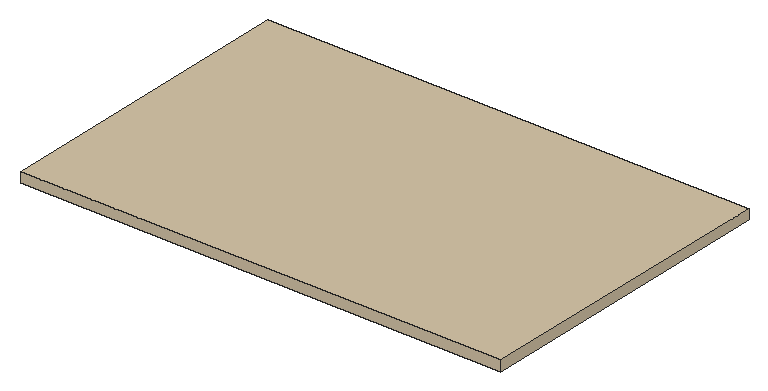
Revit family "Haworth_BeHold_Accessory_StackOnShelf", category Furniture Systems, Revit 2018
Family settings
  Round Connector Dimension = Use Diameter
  Part Type = Normal
  OmniClass Number = 23.40.70.14.64.21
  OmniClass Title = Systems Furniture
  Work Plane-Based = No
  Always vertical = Yes
  Cut with Voids When Loaded = No
  Shared = No
  Room Calculation Point = No
Parameters (values of type "24d 36w")
  Width = 36"
  Warranty = "http://www.haworth.com/resources/product-info/warranties"
  URL - Product = "http://www.haworth.com/na/en/products/active-storage/be-hold.html"
  URL = "http://www.haworth.com"
  Sustainability Info = "https://www.haworth.com/company-info/sustainability"
  Standard Depths = "16, 24 in."  # constant formula
  Size = "Verify Final Dim. w/ Haworth"  # constant formula
  Shelf Finish = Haworth _ Wood _ Maple H-AE
  Shelf Edge Finish = Haworth _ Wood _ Maple H-AE
  Revision Number = "1"  # constant formula
  Model = "Haworth Be_Hold"  # constant formula
  Min. Width = 18"  # constant formula
  Min. Depth = 16"  # constant formula
  Max. Width = 36"  # constant formula
  Max. Depth = 24"  # constant formula
  Manufacturer = "Haworth"  # constant formula
  Description = "Haworth - Be_Hold - Accessory - Stack on Unit Shelf"  # constant formula
  Depth = 24"
  Custom Size = not(and(or(Depth = 16", Depth = 24"), or(Width = 18", Width = 24", Width = 30", Width = 36")))  # no
  Author = "Haworth (Alias)"  # constant formula
  Assembly Code = "E2020200"
  Actual Width = if(Width < Min. Width, Min. Width, if(Width > Max. Width, Max. Width, Width))  # 36"
  Actual Height = 3/4"  # constant formula
  Standard Widths = "18, 24, 30, 36 in."  # constant formula
  Actual Depth = if(Depth < Min. Depth, Min. Depth, if(Depth > Max. Depth, Max. Depth, Depth))  # 24"
Types (8): name | Width | URL - Product | URL | Depth | Actual Width | Actual Depth
  16d 36w | 36" | "http://www.haworth.com/na/en/products/active-storage/be-hold.html" | "http://www.haworth.com" | 16" | 36" | 16"
  16d 30w | 30" | "" | "www.haworth.com" | 16" | 30" | 16"
  16d 24w | 24" | "" | "www.haworth.com" | 16" | 24" | 16"
  16d 18w | 18" | "" | "www.haworth.com" | 16" | 18" | 16"
  24d 36w | 36" | "http://www.haworth.com/na/en/products/active-storage/be-hold.html" | "http://www.haworth.com" | 24" | 36" | 24"
  24d 30w | 30" | "http://www.haworth.com/na/en/products/active-storage/be-hold.html" | "http://www.haworth.com" | 24" | 30" | 24"
  24d 24w | 24" | "http://www.haworth.com/na/en/products/active-storage/be-hold.html" | "http://www.haworth.com" | 24" | 24" | 24"
  24d 18w | 18" | "http://www.haworth.com/na/en/products/active-storage/be-hold.html" | "http://www.haworth.com" | 24" | 18" | 24"
Reference planes (in)
  plane 1: z = 0
  plane 2 "Center L/R": x = -6.17556
  plane 3 "Center F/B": y = -23.5
  plane 4 "Back": y = -11.5
  plane 5 "Front": y = -35.5
  plane 6 "Right": x = 11.82444
  plane 7 "Left": x = -24.17556
  plane 8 "Top": z = 0.75
Forms (in)
  Sweep 1, solid, material "Haworth _ Wood _ Maple H-AE" <- "Shelf Finish"
    path origin (0, 0, 0) x (1, 0, 0) y (0, 1, 0)
      loop
        line (11.05444, -23.5) -> (-23.40603, -23.5)
    profile origin (-6.17579, -23.5, 0) x (0, -1, 0) y (0, 0, 1)
      loop
        line (10.14746, 0) -> (10.14746, 0.75) -> (-12, 0.75) -> (-12, 0) -> (10.14746, 0)
Lines and regions (in)
  Masking region 1
    outline origin (0, 0, 0) x (1, 0, 0) y (0, 1, 0)
      loop
        line (-23.40603, -11.5) -> (-23.40603, -33.64746) -> (11.05444, -33.64746) -> (11.05444, -11.5) -> (-23.40603, -11.5)
Dimensions and locks (in)
  equal spacing: plane 7 "Left", plane 2 "Center L/R", plane 6 "Right"
  "Actual Width": plane 7 "Left" to plane 6 "Right"
  equal spacing: plane 4 "Back", plane 3 "Center F/B", plane 5 "Front"
  "Actual Depth": plane 4 "Back" to plane 5 "Front"
  locked: Masking region 1 sketch curve to plane 6 "Right" at 0.77
  locked: plane 7 "Left" to Masking region 1 sketch curve at 0.76953
  locked: Masking region 1 sketch curve to plane 5 "Front" at 1.85254
  "Actual Height": plane 8 "Top" to plane 1
  locked: plane 7 "Left" to Sweep 1 sketch curve at 0.76953
  locked: Sweep 1 sketch curve to plane 6 "Right" at 0.77
  locked: plane 5 "Front" to Sweep 1 sketch curve at 1.85254
  aligned and locked: Sweep 1 sketch curve to plane 3 "Center F/B"
  aligned and locked: Sweep 1 sketch curve to plane 1
  aligned and locked: plane 4 "Back" to Sweep 1 sketch curve
  aligned and locked: Masking region 1 sketch curve to plane 4 "Back"
  aligned and locked: plane 8 "Top" to Sweep 1 sketch curve
